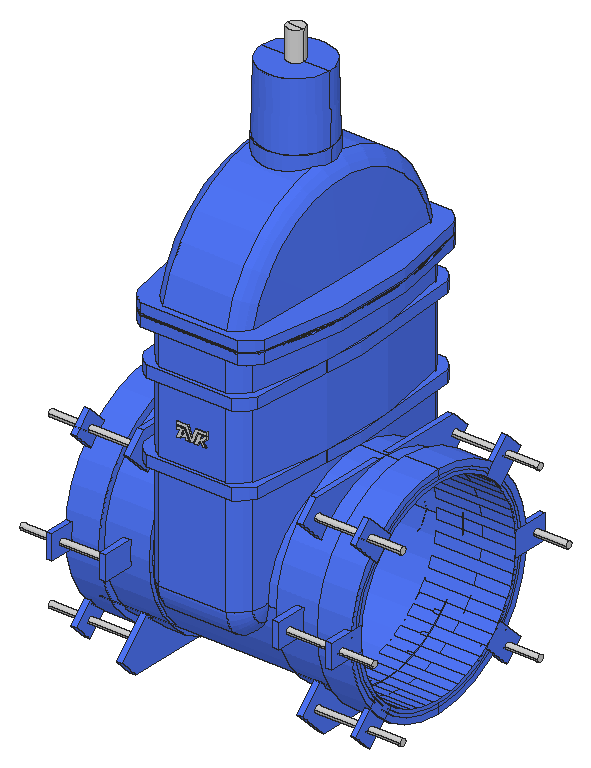
Revit family "01-70-035-DN200-300", category Pipe Accessories, Revit 2019
Family settings
  Round Connector Dimension = Use Diameter
  Part Type = Valve - Breaks Into
  Work Plane-Based = No
  Always vertical = No
  Cut with Voids When Loaded = No
  Shared = No
Parameters (values of type "DN315_PN16")
  Rt = size_lookup(Search_table, "Flange_OD", 0 mm, [Nominal Diameter (DN)]) / 0.6  # 760 mm
  Rib_depth_3 = if([Nominal Diameter (DN)] > 349 mm, size_lookup(Search_table, "Rib_depth", 0 mm, [Nominal Diameter (DN)]), if([Nominal Diameter (DN)] > 39 mm, Body_width / 2, Body_width / 2))  # 78.5 mm
  Rib_depth_1 = if([Nominal Diameter (DN)] > 249 mm, size_lookup(Search_table, "Rib_depth", 0 mm, [Nominal Diameter (DN)]), if([Nominal Diameter (DN)] > 39 mm, Body_width / 2, Body_width / 2))  # 432 mm
  Rib_Width_3 = if([Nominal Diameter (DN)] > 349 mm, size_lookup(Search_table, "Rib_Width", 0 mm, [Nominal Diameter (DN)]), if([Nominal Diameter (DN)] > 39 mm, Body_width / 2, Body_width / 2))  # 78.5 mm
  Rib_Width_2 = if([Nominal Diameter (DN)] > 349 mm, size_lookup(Search_table, "Rib_Width", 0 mm, [Nominal Diameter (DN)]), if([Nominal Diameter (DN)] > 249 mm, size_lookup(Search_table, "Rib_Width", 0 mm, [Nominal Diameter (DN)]), if([Nominal Diameter (DN)] > 39 mm, Body_width / 2, Body_width / 2)))  # 185 mm
  Rib_depth_2 = if([Nominal Diameter (DN)] > 299 mm, size_lookup(Search_table, "Rib_depth", 0 mm, [Nominal Diameter (DN)]), if([Nominal Diameter (DN)] > 39 mm, Body_width / 2, Body_width / 2))  # 432 mm
  Rib_Width_1 = if([Nominal Diameter (DN)] > 249 mm, size_lookup(Search_table, "Rib_Width", 0 mm, [Nominal Diameter (DN)]), if([Nominal Diameter (DN)] > 39 mm, Body_width / 2, Body_width / 2))  # 185 mm
  Rib_Thickness = 18 mm  # constant formula
  Rib_Height_Reference_4 = size_lookup(Search_table, "Rib_Height_4", 0 mm, [Nominal Diameter (DN)])  # 300 mm
  Rib_Height_Reference_3 = size_lookup(Search_table, "Rib_Height_3", 0 mm, [Nominal Diameter (DN)])  # 170 mm
  Rib_Height_Reference_2 = size_lookup(Search_table, "Rib_Height_2", 0 mm, [Nominal Diameter (DN)])  # 285 mm
  Rib_Height_Reference_1 = size_lookup(Search_table, "Rib_Height_1", 0 mm, [Nominal Diameter (DN)])  # 178 mm
  Rf = Horizontal_Flange_width / 0.6  # 693.333 mm
  RF_Dia = size_lookup(Search_table, "RF_Dia", 0 mm, [Nominal Diameter (DN)])  # 185 mm
  R2f = Fillet_Thickness * 2.5  # 60 mm
  R1tv = size_lookup(Search_table, "Flange_OD", 0 mm, [Nominal Diameter (DN)]) / 0.2  # 2280 mm
  OD = size_lookup(Search_table, "OD", 0 mm, [Nominal Diameter (DN)]) / 2  # 89.5 mm
  Neck_T2 = Neck_T - 2 mm  # 54.5 mm
  Neck_T = CL _Thickness - 2 mm  # 56.5 mm
  Neck_H = H - (Body_Height + D2 + CL_Height)  # 109 mm
  Name_Width = Body_width / 2  # 78.5 mm
  Name_Reference = size_lookup(Search_table, "Name_Reference", 0 mm, [Nominal Diameter (DN)])  # 250 mm
  Name_Height_reference = 10 mm  # constant formula
  L_ref = (L + L1) / 2  # 462 mm
  L_Dia = [ID (Radius)] * 2  # 300 mm
  L2 = size_lookup(Search_table, "L2", 0 mm, [Nominal Diameter (DN)])  # 184 mm
  L1 = size_lookup(Search_table, "L1", 0 mm, [Nominal Diameter (DN)])  # 354 mm
  L = size_lookup(Search_table, "L", 0 mm, [Nominal Diameter (DN)])  # 570 mm
  ID (Radius) = size_lookup(Search_table, "DN", 0 mm, [Nominal Diameter (DN)]) / 2  # 150 mm
  Horizontal_Flange_width = (H3 - H) * 2  # 416 mm
  H3 = size_lookup(Search_table, "H3", 0 mm, [Nominal Diameter (DN)])  # 948 mm
  H2 = size_lookup(Search_table, "H2", 0 mm, [Nominal Diameter (DN)])  # 208 mm
  H1 = size_lookup(Search_table, "H1", 0 mm, [Nominal Diameter (DN)])  # 693 mm
  H = size_lookup(Search_table, "H", 0 mm, [Nominal Diameter (DN)])  # 740 mm
  Ftc_reference_height = Flange_OR  # 228 mm
  Ftc = 4 mm  # constant formula
  Flange_width = 39 mm
  Flange_depth = size_lookup(Search_table, "Flange_depth", 0 mm, [Nominal Diameter (DN)])  # 432 mm
  Flange_Thickness_cut = (size_lookup(Search_table, "Flange_OD", 0 mm, [Nominal Diameter (DN)]) - [Nominal Diameter (DN)]) / 4  # 39 mm
  Flange_OR = size_lookup(Search_table, "Flange_OD", 0 mm, [Nominal Diameter (DN)]) / 2  # 228 mm
  Flange_Thickness = size_lookup(Search_table, "Flange_Thickness", 0 mm, [Nominal Diameter (DN)])  # 24.5 mm
  Fillet_Thickness = if([Nominal Diameter (DN)] > 399 mm, 32 mm, if([Nominal Diameter (DN)] > 199 mm, 24 mm, if([Nominal Diameter (DN)] > 149 mm, 12 mm, if([Nominal Diameter (DN)] > 39 mm, 6 mm, 6 mm))))  # 24 mm
  Nominal Diameter (DN) = 300 mm
  F1 = size_lookup(Search_table, "F1", 0 mm, [Nominal Diameter (DN)])  # 31 mm
  F = size_lookup(Search_table, "F", 0 mm, [Nominal Diameter (DN)]) / 2  # 13.5 mm
  E = size_lookup(Search_table, "E", 0 mm, [Nominal Diameter (DN)])  # 13 mm
  Description_ = "AVK GATE VALVE, SUPA PLUS™"
  Dd_ref = Dd_ref_1 + Body_Wallthickness_1  # 177.5 mm
  Dd_ref_1 = size_lookup(Search_table, "Dd", 0 mm, [Nominal Diameter (DN)]) / 2  # 157.5 mm
  Dd = Dd_ref_1 * 2  # 315 mm
  DN280_PN 16 = "01-280-70-016"
  DN250_PN 16 = "01-250-70-016"
  DN225_PN16 = "01-225-70-0146499"
  DN315_PN16 = "01-315-70-016"
  DN200_PN16 = "01-200-70-0146499"
  Search_table = "01-70-035-DN200-300"
  D2 = H - H1  # 47 mm
  D1 = size_lookup(Search_table, "D1", 0 mm, [Nominal Diameter (DN)])  # 15 mm
  D = size_lookup(Search_table, "D", 0 mm, [Nominal Diameter (DN)])  # 87.5 mm
  Cut_Reference = L * 2  # 1140 mm
  CL _Thickness = ((Bt_2 - Fillet_Thickness) - 10 mm) / 2  # 58.5 mm
  CL_Height = At + 5 mm  # 214 mm
  Bt_2 = Body_width - 6 mm  # 151 mm
  Bt = Body_width * 1.02  # 160.14 mm
  Bottom_Reference = size_lookup(Search_table, "Bottom_Reference", 0 mm, [Nominal Diameter (DN)])  # 0 mm
  Bonnet_Reference_height = Body_Height - 10 mm  # 360 mm
  Bonnet_Flange_thickness = if([Nominal Diameter (DN)] > 399 mm, 70 mm, if([Nominal Diameter (DN)] > 299 mm, 35 mm, if([Nominal Diameter (DN)] > 199 mm, 25 mm, if([Nominal Diameter (DN)] > 199 mm, 20 mm, if([Nominal Diameter (DN)] > 39 mm, 15 mm, 15 mm)))))  # 35 mm
  Bonnet_Flange_cut = Bonnet_Flange_thickness / 2  # 17.5 mm
  Bonnet_Flange_Width = size_lookup(Search_table, "Flange_Width", 0 mm, [Nominal Diameter (DN)])  # 206 mm
  Bonnet_Thickness = Body_width * 1.02  # 160.14 mm
  Bonnet_Height = size_lookup(Search_table, "Flange_OD", 0 mm, [Nominal Diameter (DN)]) * 0.25  # 114 mm
  Bonnet_Flange_Depth = size_lookup(Search_table, "Flange_depth", 0 mm, [Nominal Diameter (DN)])  # 432 mm
  Body_Wallthickness_2 = Body_Wallthickness / 2  # 5 mm
  Body_Wallthickness_1 = Body_Wallthickness * 2  # 20 mm
  Body_Wallthickness = 10 mm  # constant formula
  Body_depth = size_lookup(Search_table, "Body_depth", 0 mm, [Nominal Diameter (DN)])  # 418 mm
  Body_width = size_lookup(Search_table, "Body_width", 0 mm, [Nominal Diameter (DN)])  # 157 mm
  Body_Height = size_lookup(Search_table, "Body_Height", 0 mm, [Nominal Diameter (DN)])  # 370 mm
  At = Body_depth / 2  # 209 mm
  URL product pages = "https://www.avkvalves.com/P.aspx?no=0105070016"
Types (6, lengths in mm): name | Rt | Rib_depth_3 | Rib_depth_1 | Rib_Width_3 | Rib_Width_2 | Rib_depth_2 | Rib_Width_1 | Rib_Height_Reference_4 | Rib_Height_Reference_3 | Rib_Height_Reference_2 | Rib_Height_Reference_1 | Rf | RF_Dia | R1tv | OD | Neck_T2 | Neck_T | Neck_H | Name_Width | Name_Reference | L_ref | L_Dia | L2 | L1 | L | ID (Radius) | Horizontal_Flange_width | H3 | H2 | H1 | H | Ftc_reference_height | Flange_width | Flange_depth | Flange_Thickness_cut | Flange_OR | Flange_Thickness | Nominal Diameter (DN) | F1 | F | E | Dd_ref | Dd_ref_1 | Dd | D2 | D1 | D | Cut_Reference | CL _Thickness | CL_Height | Bt_2 | Bt | Bonnet_Reference_height | Bonnet_Flange_thickness | Bonnet_Flange_cut | Bonnet_Flange_Width | Bonnet_Thickness | Bonnet_Height | Bonnet_Flange_Depth | Body_depth | Body_width | Body_Height | At
  (no name) | 760 | 78.5 | 432 | 78.5 | 185 | 432 | 185 | 300 | 170 | 285 | 178 | 693.333 | 185 | 2280 | 89.5 | 54.5 | 56.5 | 109 | 78.5 | 250 | 462 | 300 | 184 | 354 | 570 | 150 | 416 | 948 | 208 | 693 | 740 | 228 | 39 | 432 | 39 | 228 | 24.5 | 300 | 31 | 13.5 | 13 | 177.5 | 157.5 | 315 | 47 | 15 | 87.5 | 1140 | 58.5 | 214 | 151 | 160.14 | 360 | 35 | 17.5 | 206 | 160.14 | 114 | 432 | 418 | 157 | 370 | 209
  DN200_PN16 | 566.667 | 54 | 54 | 54 | 54 | 54 | 54 | 180 | 100 | 110 | 120 | 526.667 | 133 | 1700 | 113 | 30 | 32 | 89 | 54 | 183 | 337.5 | 200 | 120 | 249 | 426 | 100 | 316 | 653 | 158 | 461 | 495 | 170 | 41 | 332 | 35 | 170 | 20 | 200 | 27 | 12 | 15 | 120 | 100 | 200 | 34 | 10 | 62.5 | 852 | 34 | 152 | 102 | 110.16 | 210 | 25 | 12.5 | 132 | 110.16 | 85 | 332 | 294 | 108 | 220 | 147
  DN225_PN16 | 566.667 | 54 | 54 | 54 | 54 | 54 | 54 | 180 | 100 | 110 | 120 | 550 | 133 | 1700 | 126.5 | 30 | 32 | 76 | 54 | 183 | 366 | 200.1 | 110 | 249 | 483 | 100.05 | 330 | 660 | 165 | 448 | 495 | 170 | 39 | 332 | 34.975 | 170 | 20 | 200.1 | 27 | 12 | 15 | 132.5 | 112.5 | 225 | 47 | 10 | 62.5 | 966 | 34 | 152 | 102 | 110.16 | 210 | 25 | 12.5 | 132 | 110.16 | 85 | 332 | 294 | 108 | 220 | 147
  DN250_PN 16 | 666.667 | 62 | 372 | 62 | 145 | 62 | 145 | 200 | 100 | 110 | 90 | 580 | 160 | 2000 | 71.5 | 38 | 40 | 101 | 62 | 270 | 441.5 | 250 | 143 | 354 | 529 | 125 | 348 | 838 | 174 | 617 | 664 | 200 | 39 | 372 | 37.5 | 200 | 22 | 250 | 31 | 13.5 | 13 | 145 | 125 | 250 | 47 | 15 | 87.5 | 1058 | 42 | 176 | 118 | 126.48 | 330 | 25 | 12.5 | 158 | 126.48 | 100 | 372 | 342 | 124 | 340 | 171
  DN280_PN 16 | 666.667 | 62 | 372 | 62 | 140 | 62 | 140 | 200 | 100 | 110 | 90 | 613.333 | 160 | 2000 | 79 | 38 | 40 | 101 | 62 | 270 | 441.5 | 250.1 | 155 | 354 | 529 | 125.05 | 368 | 848 | 184 | 617 | 664 | 200 | 39 | 372 | 37.475 | 200 | 22 | 250.1 | 31 | 13.5 | 13 | 160 | 140 | 280 | 47 | 15 | 87.5 | 1058 | 42 | 176 | 118 | 126.48 | 330 | 25 | 12.5 | 158 | 126.48 | 100 | 372 | 342 | 124 | 340 | 171
  DN315_PN16 | 760 | 78.5 | 432 | 78.5 | 185 | 432 | 185 | 300 | 170 | 285 | 178 | 693.333 | 185 | 2280 | 89.5 | 54.5 | 56.5 | 109 | 78.5 | 250 | 462 | 300 | 184 | 354 | 570 | 150 | 416 | 948 | 208 | 693 | 740 | 228 | 39 | 432 | 39 | 228 | 24.5 | 300 | 31 | 13.5 | 13 | 177.5 | 157.5 | 315 | 47 | 15 | 87.5 | 1140 | 58.5 | 214 | 151 | 160.14 | 360 | 35 | 17.5 | 206 | 160.14 | 114 | 432 | 418 | 157 | 370 | 209
Reference planes
  plane 1 "Center (Front/Back)": y = 0
  plane 2: z = 0
  plane 3 "Center (Left/Right)": x = 0
  plane 4: y = 0
  plane 5: z = 740
  plane 6: x = -103
  plane 7: x = 103
  plane 8: z = 370
  plane 9: x = 54.5
  plane 10: x = -54.5
  plane 11: x = 78.5
  plane 12: x = -78.5
  plane 13: y = 209
  plane 14: y = -209
  plane 15: y = 185
  plane 16: y = -185
  plane 17: y = 192
  plane 18: y = 216
  plane 19: y = -192
  plane 20: y = -216
  plane 21: x = 103
  plane 22: x = 79
  plane 23: x = -79
  plane 24: x = -103
  plane 25: x = -75.5
  plane 26: x = -51.5
  plane 27: z = 569
  plane 28: x = 75.5
  plane 29: x = 51.5
  plane 30: z = 545
  plane 31: z = 360
  plane 32: y = 55
  plane 33: z = 335
  plane 34: x = -32.455
  plane 35: x = 32.455
  plane 36: x = -80.07
  plane 37: x = 80.07
  plane 38: x = -29.418
  plane 39: z = 405
  plane 40: z = 250
  plane 41: z = 300
  plane 42: z = 170
  plane 43: z = 285
  plane 44: z = 178
  plane 45: y = 192
  plane 46: y = 216
  plane 47: y = -216
  plane 48: y = -192
  plane 49: x = 68.5
  plane 50: x = 92.5
  plane 51: x = -92.5
  plane 52: x = -68.5
  plane 53: z = 188
  plane 54: y = 216
  plane 55: y = 192
  plane 56: x = 68.5
  plane 57: x = 92.5
  plane 58: x = -68.5
  plane 59: x = -92.5
  plane 60: y = -216
  plane 61: y = -192
  plane 62: z = 318
  plane 63: y = 39.25
  plane 64: y = 15.25
  plane 65: x = 15.25
  plane 66: x = 39.25
  plane 67: x = -15.25
  plane 68: x = -39.25
  plane 69: y = -39.25
  plane 70: y = -15.25
  plane 71: z = 303
  plane 72: x = 15.25
  plane 73: y = 15.25
  plane 74: x = 39.25
  plane 75: y = 39.25
  plane 76: x = -15.25
  plane 77: x = -39.25
  plane 78: y = -15.25
  plane 79: y = -39.25
  plane 80: x = 264.293
  plane 81: x = -570
  plane 82: x = 570
  plane 83: z = 196
  plane 84: x = 131
  plane 85: z = -228
  plane 86: z = 693
  plane 87: x = -10
  plane 88: x = 15
  plane 89: x = -231
  plane 90: x = 231
  plane 91: x = -177
  plane 92: x = 177
  plane 93: z = -208
  plane 94: z = 208
  plane 95: through (0, -0.011, -0.011) normal (0, 0.7071, 0.7071)
  plane 96: through (0, -0.011, -0.011) normal (0, 0.7071, -0.7071)
  plane 97: x = -222
  plane 98: x = 222
  plane 99: x = -140
  plane 100: x = 140
  plane 101: y = -208
  plane 102: y = 208
  plane 103: x = -285
  plane 104: x = 285
  plane 105: through (0, -142.596, -108.449) normal (0, -0.7071, -0.7071)
  plane 106: through (0, 108.427, 142.574) normal (0, -0.7071, -0.7071)
  plane 107: through (0, -159.368, -118.9) normal (0, -0.7071, -0.7071)
  plane 108: through (0, -163.352, -142.139) normal (0, -0.7071, -0.7071)
  plane 109: through (0, 142.118, 163.331) normal (0, -0.7071, -0.7071)
  plane 110: through (0, 122.039, 156.186) normal (0, -0.7071, -0.7071)
  plane 111: through (0, 103.789, 76.211) normal (0, -0.7071, 0.7071)
  plane 112: through (0, 70.7, 98.277) normal (0, -0.7071, 0.7071)
  plane 113: through (0, 140.163, -165.307) normal (0, 0.7071, -0.7071)
  plane 114: through (0, -142.139, 163.331) normal (0, -0.7071, 0.7071)
  plane 115: through (0, -109.222, 141.8) normal (0, -0.7071, 0.7071)
  plane 116: through (0, 144.357, -106.666) normal (0, -0.7071, 0.7071)
  plane 117: through (0, -100.037, 72.439) normal (0, -0.7071, -0.7071)
  plane 118: through (0, 108.884, -81.328) normal (0, 0.7071, 0.7071)
  plane 119: through (0, 157.968, -120.278) normal (0, -0.7071, 0.7071)
  plane 120: through (0, -120.278, 157.968) normal (0, -0.7071, 0.7071)
  plane 121: y = 177.5
  plane 122: y = -177.5
  plane 123: y = 216
  plane 124: y = -216
  plane 125: z = 19.5
  plane 126: z = -19.5
  plane 127: y = 196.75
  plane 128: y = -196.75
Forms (mm)
  Revolve 1, solid, material "Plastic"
    sketch origin (0, 0, 0) x (1, 0, 0) y (0, 1, 0)
      loop
        line (-231, 162.5) -> (-231, 157.5) -> (231, 157.5) -> (231, 162.5) -> (-231, 162.5)
      axis (-231, 0) -> (231, 0)
    angle from 0 to 360
  Extrusion 2, solid, material "Plastic"
    sketch origin (0, 0, 0) x (1, 0, 0) y (0, 1, 0)
      loop
        arc (54.5, -209) -> (68.232, -198.732) -> (78.5, -185) r 60
        arc (78.5, -185) -> (103.637, 0) -> (78.5, 185) r 693.333
        arc (78.5, 185) -> (68.232, 198.732) -> (54.5, 209) r 60
        line (54.5, 209) -> (-54.5, 209)
        arc (-54.5, 209) -> (-68.232, 198.732) -> (-78.5, 185) r 60
        arc (-78.5, 185) -> (-103.637, 0) -> (-78.5, -185) r 693.333
        arc (-78.5, -185) -> (-68.232, -198.732) -> (-54.5, -209) r 60
        line (-54.5, -209) -> (54.5, -209)
    from 0 to 370
  Extrusion 3, solid, material "Plastic"
    sketch origin (0, 0, 370) x (1, 0, 0) y (0, 1, 0)
      loop
        line (79, 216) -> (-79, 216)
        arc (-79, 216) -> (-92.732, 205.732) -> (-103, 192) r 60
        arc (-103, 192) -> (-130.115, 0) -> (-103, -192) r 693.333
        arc (-103, -192) -> (-92.732, -205.732) -> (-79, -216) r 60
        line (-79, -216) -> (79, -216)
        arc (79, -216) -> (92.732, -205.732) -> (103, -192) r 60
        arc (103, -192) -> (130.115, 0) -> (103, 192) r 693.333
        arc (103, 192) -> (92.732, 205.732) -> (79, 216) r 60
    from 35 to 0
  Revolve 4, solid, material "Plastic"
    sketch origin (0, 0, 0) x (1, 0, 0) y (0, 0, 1)
      loop
        line (0, 584) -> (0, 370) -> (58.5, 370) -> (58.5, 584) -> (0, 584)
      axis (0, 584) -> (0, 370)
    angle from 0 to 360
  Revolve 5, solid, material "Plastic"
    sketch origin (0, 0, -14.998) x (1, 0, 0) y (0, 0, 1)
      loop
        line (-80.07, 374.998) -> (80.07, 374.998)
        arc (80.07, 374.998) -> (79.663, 467.545) -> (75.5, 559.998) r 2280
        arc (75.5, 559.998) -> (65.232, 573.731) -> (51.5, 583.998) r 60
        line (51.5, 583.998) -> (-51.5, 583.998)
        arc (-51.5, 583.998) -> (-65.232, 573.731) -> (-75.5, 559.998) r 60
        arc (-75.5, 559.998) -> (-79.663, 467.545) -> (-80.07, 374.998) r 2280
      axis (-80.07, 374.998) -> (80.07, 374.998)
    angle from 90 to -90
  Revolve 6, solid, material "Stainless Steel AISI 304"
    sketch origin (0, 0, 0) x (1, 0, 0) y (0, 0, 1)
      loop
        line (0, 740) -> (0, 693) -> (13.5, 693) -> (13.5, 740) -> (0, 740)
      axis (0, 693) -> (0, 740)
    angle from 0 to 360
  Sweep 7, void
    path in 3D
      loop
        arc (-103, 192, 405) -> (-92.732, 205.732, 405) -> (-79, 216, 405) r 60
        line (-79, 216, 405) -> (79, 216, 405)
        arc (79, 216, 405) -> (92.732, 205.732, 405) -> (103, 192, 405) r 60
        arc (103, 192, 405) -> (130.115, 0, 405) -> (103, -192, 405) r 693.333
        arc (103, -192, 405) -> (92.732, -205.732, 405) -> (79, -216, 405) r 60
        line (79, -216, 405) -> (-79, -216, 405)
        arc (-79, -216, 405) -> (-92.732, -205.732, 405) -> (-103, -192, 405) r 60
        arc (-103, -192, 405) -> (-130.115, 0, 405) -> (-103, 192, 405) r 693.333
    profile origin (-130.115, 0, 405) x (-1, 0, 0) y (0, 0, 1)
      loop
        circle (0, -17.5) r 1.016
  Extrusion 8, solid, material "Plastic"
    sketch origin (0, -1524, 170) x (-1, 0, 0) y (0, -1, 0)
      loop
        arc (68.5, -1740) -> (82.232, -1729.732) -> (92.5, -1716) r 60
        arc (92.5, -1716) -> (106.234, -1524) -> (92.5, -1332) r 1348.941
        arc (92.5, -1332) -> (82.232, -1318.268) -> (68.5, -1308) r 60
        line (68.5, -1308) -> (-68.5, -1308)
        arc (-68.5, -1308) -> (-82.232, -1318.268) -> (-92.5, -1332) r 60
        arc (-92.5, -1332) -> (-106.234, -1524) -> (-92.5, -1716) r 1348.941
        arc (-92.5, -1716) -> (-82.232, -1729.732) -> (-68.5, -1740) r 60
        line (-68.5, -1740) -> (68.5, -1740)
    from 0 to 18
  Extrusion 9, solid, material "Plastic"
    sketch origin (0, -1524, 300) x (-1, 0, 0) y (0, -1, 0)
      loop
        line (-68.5, -1740) -> (68.5, -1740)
        arc (68.5, -1740) -> (82.232, -1729.732) -> (92.5, -1716) r 60
        arc (92.5, -1716) -> (106.234, -1524) -> (92.5, -1332) r 1348.941
        arc (92.5, -1332) -> (82.232, -1318.268) -> (68.5, -1308) r 60
        line (68.5, -1308) -> (-68.5, -1308)
        arc (-68.5, -1308) -> (-82.232, -1318.268) -> (-92.5, -1332) r 60
        arc (-92.5, -1332) -> (-106.234, -1524) -> (-92.5, -1716) r 1348.941
        arc (-92.5, -1716) -> (-82.232, -1729.732) -> (-68.5, -1740) r 60
    from 0 to 18
  Extrusion 10, solid, material "Plastic"
    sketch origin (0, -1524, 285) x (-1, 0, 0) y (0, -1, 0)
      loop
        line (-15.25, -1563.25) -> (15.25, -1563.25)
        arc (15.25, -1563.25) -> (28.982, -1552.982) -> (39.25, -1539.25) r 60
        arc (39.25, -1539.25) -> (39.341, -1524) -> (39.25, -1508.75) r 1282.048
        arc (39.25, -1508.75) -> (28.982, -1495.018) -> (15.25, -1484.75) r 60
        line (15.25, -1484.75) -> (-15.25, -1484.75)
        arc (-15.25, -1484.75) -> (-28.982, -1495.018) -> (-39.25, -1508.75) r 60
        arc (-39.25, -1508.75) -> (-39.341, -1524) -> (-39.25, -1539.25) r 1282.048
        arc (-39.25, -1539.25) -> (-28.982, -1552.982) -> (-15.25, -1563.25) r 60
    from 0 to 18
  Extrusion 11, solid, material "Plastic"
    sketch origin (0, 0, 0) x (1, 0, 0) y (0, 1, 0)
      loop
        line (15.25, 39.25) -> (-15.25, 39.25)
        arc (-15.25, 39.25) -> (-28.982, 28.982) -> (-39.25, 15.25) r 60
        arc (-39.25, 15.25) -> (-39.34, 0) -> (-39.25, -15.25) r 1295.047
        arc (-39.25, -15.25) -> (-28.982, -28.982) -> (-15.25, -39.25) r 60
        line (-15.25, -39.25) -> (15.25, -39.25)
        arc (15.25, -39.25) -> (28.982, -28.982) -> (39.25, -15.25) r 60
        arc (39.25, -15.25) -> (39.34, 0) -> (39.25, 15.25) r 1295.047
        arc (39.25, 15.25) -> (28.982, 28.982) -> (15.25, 39.25) r 60
    from 178 to 196
  Extrusion 12, solid, material "Aluminum 1100-O"
    sketch origin (0, 0, 0) x (0, 1, 0) y (0, 0, 1)
      loop
        circle (0, 0) r 157.5
    from 15 to -10
  Extrusion 13, void
    sketch origin (0, 0, 0) x (0, -1, 0) y (0, 0, 1)
      loop
        circle (0, 0) r 157.5
    from -570 to 570
  Revolve 14, solid, material "Plastic"
    sketch origin (0, 0, 0) x (1, 0, 0) y (0, 1, 0)
      loop
        line (-54.5, -209) -> (54.5, -209)
        arc (54.5, -209) -> (68.232, -198.732) -> (78.5, -185) r 60
        arc (78.5, -185) -> (82.146, -171.286) -> (85.511, -157.5) r 693.333
        line (85.511, -157.5) -> (-85.511, -157.5)
        arc (-85.511, -157.5) -> (-82.146, -171.286) -> (-78.5, -185) r 693.333
        arc (-78.5, -185) -> (-68.232, -198.732) -> (-54.5, -209) r 60
      axis (-85.511, -157.5) -> (85.511, -157.5)
    angle from -90 to 90
  Revolve 15, solid, material "Plastic"
    sketch origin (0, 0, 0) x (1, 0, 0) y (0, 0, 1)
      loop
        line (0, 584) -> (0, 693) -> (-54.5, 693)
        arc (-54.5, 693) -> (-54.848, 638.488) -> (-56.5, 584) r 2280
        line (-56.5, 584) -> (0, 584)
      axis (0, 693) -> (0, 584)
    angle from 0 to 360
  Revolve 16, solid, material "Plastic"
    sketch origin (0, 0, 0) x (1, 0, 0) y (0, 1, 0)
      loop
        line (54.5, 209) -> (-54.5, 209)
        arc (-54.5, 209) -> (-68.232, 198.732) -> (-78.5, 185) r 60
        arc (-78.5, 185) -> (-82.146, 171.286) -> (-85.511, 157.5) r 693.333
        line (-85.511, 157.5) -> (85.511, 157.5)
        arc (85.511, 157.5) -> (82.146, 171.286) -> (78.5, 185) r 693.333
        arc (78.5, 185) -> (68.232, 198.732) -> (54.5, 209) r 60
      axis (85.511, 157.5) -> (-85.511, 157.5)
    angle from -90 to 90
  Revolve 17, solid, material "Plastic"
    sketch origin (0, 0, 0) x (1, 0, 0) y (0, 0, 1)
      loop
        line (-231, -157.5) -> (-231, -167.5) -> (-103, -167.5) -> (-103, -157.5) -> (-231, -157.5)
      loop
        line (231, -157.5) -> (103, -157.5) -> (103, -167.5) -> (231, -167.5) -> (231, -157.5)
      axis (-231, 0) -> (231, 0)
    angle from 0 to 360
  Revolve 18, solid, material "Plastic"
    sketch origin (0, 0, 0) x (1, 0, 0) y (0, 0, 1)
      loop
        line (-231, -157.5) -> (-231, -177.5) -> (-177, -177.5) -> (-177, -157.5) -> (-231, -157.5)
      loop
        line (231, -157.5) -> (177, -157.5) -> (177, -177.5) -> (231, -177.5) -> (231, -157.5)
      axis (-231, 0) -> (231, 0)
    angle from 0 to 360
  Extrusion 19, solid, material "Plastic"
    sketch origin (0, 0, 0) x (0, 1, 0) y (0, 0, 1)
      loop
        line (166.513, -138.957) -> (27.566, -0.011) -> (166.513, 138.936) -> (138.936, 166.513) -> (-0.011, 27.566) -> (-138.957, 166.513) -> (-166.534, 138.936) -> (-27.588, -0.011) -> (-166.534, -138.957) -> (-138.957, -166.534) -> (-0.011, -27.588) -> (138.936, -166.534) -> (166.513, -138.957)
    from -231 to -222
  Extrusion 20, solid, material "Plastic"
    sketch origin (0, 0, 0) x (0, 1, 0) y (0, 0, 1)
      loop
        line (166.513, 138.936) -> (138.936, 166.513) -> (-0.011, 27.566) -> (-138.957, 166.513) -> (-166.534, 138.936) -> (-27.588, -0.011) -> (-166.534, -138.957) -> (-138.957, -166.534) -> (-0.011, -27.588) -> (138.936, -166.534) -> (166.513, -138.957) -> (27.566, -0.011) -> (166.513, 138.936)
    from 222 to 231
  Extrusion 21, void
    sketch origin (0, 0, 0) x (0, -1, 0) y (0, 0, 1)
      loop
        circle (0, 0) r 157.5
    from -285 to 285
  Extrusion 22, void
    sketch origin (0, 0, 0) x (0, 1, 0) y (0, 0, 1)
      loop
        circle (0, 0) r 157.5
    from 0 to 285
  Extrusion 23, solid, material "Stainless Steel AISI 304"
    sketch origin (0, 0, 0) x (0, 1, 0) y (0, 0, 1)
      loop
        circle (139.112, 139.112) r 5
      loop
        circle (-139.134, 139.112) r 5
      loop
        circle (-139.134, -139.134) r 5
      loop
        circle (139.112, -139.134) r 5
      loop
        circle (196.75, 0) r 5
      loop
        circle (-196.75, 0) r 5
    from -285 to -145.069
  Extrusion 24, solid, material "Plastic"
    sketch origin (0, 0, 0) x (0, 1, 0) y (0, 0, 1)
      loop
        line (124.301, 96.724) -> (166.513, 138.936) -> (138.936, 166.513) -> (-138.957, 166.513) -> (-166.534, 138.936) -> (-124.31, 96.712)
        arc (-124.31, 96.712) -> (-0.008, 157.5) -> (124.301, 96.724) r 157.5
      loop
        line (181.865, -154.309) -> (124.292, -96.736)
        arc (124.292, -96.736) -> (-0.008, -157.5) -> (-124.301, -96.724) r 157.5
        line (-124.301, -96.724) -> (-181.886, -154.309) -> (-154.309, -181.886) -> (154.287, -181.886) -> (181.865, -154.309)
    from -145.069 to -134.931
  Extrusion 25, solid, material "Stainless Steel AISI 304"
    sketch origin (0, 0, 0) x (0, 1, 0) y (0, 0, 1)
      loop
        circle (139.112, 139.112) r 5
      loop
        circle (-139.134, 139.112) r 5
      loop
        circle (-139.134, -139.134) r 5
      loop
        circle (139.112, -139.134) r 5
      loop
        circle (196.75, 0) r 5
      loop
        circle (-196.75, 0) r 5
    from 145.003 to 285
  Extrusion 26, solid, material "Plastic"
    sketch origin (0, 0, 0) x (0, 1, 0) y (0, 0, 1)
      loop
        line (216, 19.5) -> (-216, 19.5) -> (-216, -19.5) -> (216, -19.5) -> (216, 19.5)
    from -231 to -222
  Extrusion 27, solid, material "Plastic"
    sketch origin (0, 0, 0) x (0, 1, 0) y (0, 0, 1)
      loop
        line (216, -19.5) -> (216, 19.5) -> (-216, 19.5) -> (-216, -19.5) -> (216, -19.5)
    from 222 to 231
  Extrusion 28, solid, material "Plastic"
    sketch origin (0, 0, 0) x (0, 1, 0) y (0, 0, 1)
      loop
        line (216, -19.5) -> (216, 19.5) -> (-216, 19.5) -> (-216, -19.5) -> (216, -19.5)
    from -145.069 to -134.931
  Extrusion 29, solid, material "Plastic"
    sketch origin (0, 0, 0) x (0, 1, 0) y (0, 0, 1)
      loop
        line (216, -19.5) -> (216, 19.5) -> (-216, 19.5) -> (-216, -19.5) -> (216, -19.5)
    from 134.997 to 145.003
  Extrusion 30, solid, material "Plastic"
    sketch origin (0, 0, 0) x (0, 1, 0) y (0, 0, 1)
      loop
        line (138.936, 166.513) -> (-138.957, 166.513) -> (-166.534, 138.936) -> (-124.31, 96.712)
        arc (-124.31, 96.712) -> (-0.008, 157.5) -> (124.301, 96.724) r 157.5
        line (124.301, 96.724) -> (166.513, 138.936) -> (138.936, 166.513)
      loop
        line (-123.606, -181.886) -> (123.584, -181.886) -> (166.513, -138.957) -> (124.292, -96.736)
        arc (124.292, -96.736) -> (-0.008, -157.5) -> (-124.301, -96.724) r 157.5
        line (-124.301, -96.724) -> (-166.534, -138.957) -> (-123.606, -181.886)
    from 145.003 to 134.997
  Revolve 31, void
    sketch origin (0, 0, 0) x (1, 0, 0) y (0, 0, 1)
      loop
        line (-231, 157.5) -> (-231, 0) -> (231, 0) -> (231, 157.5) -> (-231, 157.5)
      axis (-231, 0) -> (231, 0)
    angle from 0 to 360
Cuts and joins
  Extrusion 13, Extrusion 21, Extrusion 22, Revolve 31 cuts Revolve 1
  Sweep 7 cuts Extrusion 3
  Extrusion 13 cuts Extrusion 11
  Extrusion 13, Extrusion 21, Extrusion 22, Revolve 31 cuts Extrusion 2
  Extrusion 21, Extrusion 22, Revolve 31 cuts Revolve 17
  Extrusion 21, Extrusion 22, Revolve 31 cuts Revolve 18
  Extrusion 21, Revolve 31 cuts Extrusion 19
  Extrusion 22 cuts Extrusion 12
  Extrusion 22, Revolve 31 cuts Extrusion 20
  Revolve 31 cuts Extrusion 24
  Revolve 31 cuts Extrusion 26
  Revolve 31 cuts Extrusion 27
  Revolve 31 cuts Extrusion 28
  Revolve 31 cuts Extrusion 29
  Revolve 31 cuts Extrusion 30
Lines and regions (mm)
  sketch lines
    curve 1: arc (-103, -192, 405) -> (-130.115, 0, 405) -> (-103, 192, 405) r 693.333
    curve 2: arc (-103, 192, 405) -> (-92.732, 205.732, 405) -> (-79, 216, 405) r 60
    curve 3: line (79, 216, 405) -> (-79, 216, 405)
    curve 4: arc (79, 216, 405) -> (92.732, 205.732, 405) -> (103, 192, 405) r 60
    curve 5: arc (103, 192, 405) -> (130.115, 0, 405) -> (103, -192, 405) r 693.333
    curve 6: arc (103, -192, 405) -> (92.732, -205.732, 405) -> (79, -216, 405) r 60
    curve 7: line (-79, -216, 405) -> (79, -216, 405)
    curve 8: arc (-79, -216, 405) -> (-92.732, -205.732, 405) -> (-103, -192, 405) r 60
Dimensions and locks
  equal spacing: Revolve 1 sketch curve, plane 3 "Center (Left/Right)", Revolve 1 sketch curve
  "L_ref": Revolve 1 sketch curve to Revolve 1 sketch curve
  "Dd_ref_1": plane 4 to Revolve 1 sketch curve
  "Body_Wallthickness_2": Revolve 1 sketch curve to Revolve 1 sketch curve
  "H": plane 5 to level
  "Body_Height": plane 8 to level
  equal spacing: plane 6, plane 3 "Center (Left/Right)", plane 7  (x2)
  "CL_Height": Revolve 4 sketch curve to Revolve 4 sketch curve
  equal spacing: plane 12, plane 3 "Center (Left/Right)", plane 11
  "Body_width": plane 12 to plane 11
  equal spacing: plane 13, plane 1 "Center (Front/Back)", plane 14
  "Body_depth": plane 13 to plane 14
  "Fillet_Thickness": plane 9 to plane 11
  "Fillet_Thickness": plane 12 to plane 10
  "Fillet_Thickness": plane 13 to plane 15
  "Fillet_Thickness": plane 16 to plane 14
  equal spacing: plane 24, plane 3 "Center (Left/Right)", plane 21
  "Bonnet_Flange_Width": plane 24 to plane 21
  equal spacing: plane 18, plane 1 "Center (Front/Back)", plane 20
  "Bonnet_Flange_Depth": plane 18 to plane 20
  "Fillet_Thickness": plane 22 to plane 21
  "Fillet_Thickness": plane 24 to plane 23
  "Fillet_Thickness": plane 18 to plane 17
  "Fillet_Thickness": plane 20 to plane 19
  "Fillet_Thickness": plane 26 to plane 25
  "Fillet_Thickness": plane 27 to plane 30
  "Fillet_Thickness": plane 29 to plane 28
  equal spacing: plane 28, plane 3 "Center (Left/Right)", plane 25
  "Bt_2": plane 28 to plane 25
  "At": plane 27 to plane 31
  "Bonnet_Reference_height": plane 31 to level
  "Bonnet_Flange_thickness": plane 8 to plane 33
  equal spacing: plane 37, plane 3 "Center (Left/Right)", plane 36
  "Bt": plane 37 to plane 36
  "Bonnet_Flange_thickness": plane 39 to plane 8
  "Bonnet_Flange_cut": Sweep 7 sketch curve to Extrusion 3
  "Name_Reference": plane 40 to level
  "Rib_Height_Reference_4": plane 41 to level
  "Rib_Height_Reference_3": plane 42 to level
  "Rib_Height_Reference_2": plane 43 to level
  "Rib_Height_Reference_1": plane 44 to level
  equal spacing: plane 51, plane 3 "Center (Left/Right)", plane 50
  "Rib_Width_2": plane 51 to plane 50
  equal spacing: plane 46, plane 1 "Center (Front/Back)", plane 47
  "Fillet_Thickness": plane 46 to plane 45
  "Fillet_Thickness": plane 48 to plane 47
  "Fillet_Thickness": plane 51 to plane 52
  "Fillet_Thickness": plane 49 to plane 50
  "Rib_depth_2": plane 46 to plane 47
  "Rib_Thickness": plane 53 to plane 42
  equal spacing: plane 59, plane 3 "Center (Left/Right)", plane 57
  "Rib_Width_1": plane 59 to plane 57
  equal spacing: plane 54, plane 1 "Center (Front/Back)", plane 60
  "Rib_depth_1": plane 54 to plane 60
  "Fillet_Thickness": plane 54 to plane 55
  "Fillet_Thickness": plane 60 to plane 61
  "Fillet_Thickness": plane 59 to plane 58
  "Fillet_Thickness": plane 56 to plane 57
  "Rib_Thickness": plane 62 to plane 41
  equal spacing: plane 68, plane 3 "Center (Left/Right)", plane 66
  "Rib_Width_3": plane 68 to plane 66
  equal spacing: plane 63, plane 1 "Center (Front/Back)", plane 69
  "Rib_depth_3": plane 63 to plane 69
  "Fillet_Thickness": plane 63 to plane 64
  "Fillet_Thickness": plane 69 to plane 70
  "Fillet_Thickness": plane 68 to plane 67
  "Fillet_Thickness": plane 65 to plane 66
  "Rib_Thickness": plane 71 to plane 43
  equal spacing: plane 77, plane 3 "Center (Left/Right)", plane 74
  "Rib_Width_3": plane 77 to plane 74
  equal spacing: plane 75, plane 1 "Center (Front/Back)", plane 79
  "Rib_depth_3": plane 75 to plane 79
  "Fillet_Thickness": plane 75 to plane 73
  "Fillet_Thickness": plane 79 to plane 78
  "Fillet_Thickness": plane 77 to plane 76
  "Fillet_Thickness": plane 72 to plane 74
  equal spacing: plane 81, plane 3 "Center (Left/Right)", plane 82
  "Cut_Reference": plane 81 to plane 82
  "Rib_Thickness": plane 83 to plane 44
  plane 81 to cut or joined group of Revolve 1, Extrusion 13, Extrusion 21, Extrusion 22, Revolve 31 = 339 mm
  "Bottom_Reference": Revolve 14 sketch curve to Revolve 14 sketch curve
  "Neck_T2": Revolve 15 sketch curve to Revolve 15 sketch curve
  "Neck_T": Revolve 15 sketch curve to Revolve 15 sketch curve
  "Neck_H": Revolve 15 sketch curve to Revolve 15 sketch curve
  "F": Revolve 6 sketch curve to Revolve 6 sketch curve
  "Bottom_Reference": Revolve 16 sketch curve to Revolve 16 sketch curve
  "CL _Thickness": Revolve 4 sketch curve to Revolve 4 sketch curve
  "Flange_OR": level to plane 85
  plane 5 to plane 85 = 968 mm  (x2)
  "H1": plane 86 to level
  "D1": plane 88 to plane 3 "Center (Left/Right)"
  equal spacing: plane 90, plane 3 "Center (Left/Right)", plane 89
  "L_ref": plane 90 to plane 89
  "Bonnet_Flange_Width": plane 6 to plane 7
  "Dd_ref_1": level to Revolve 17 sketch curve
  equal spacing: plane 92, plane 3 "Center (Left/Right)", plane 91
  "L1": plane 92 to plane 91
  "Dd_ref_1": level to Revolve 18 sketch curve
  "Body_Wallthickness_1": Revolve 18 sketch curve to Revolve 18 sketch curve
  "Body_Wallthickness": Revolve 17 sketch curve to Revolve 17 sketch curve
  "H2": level to plane 93
  equal spacing: plane 94, level, plane 93
  locked: plane 97 to plane 89 at 9
  locked: plane 90 to plane 98 at 9
  equal spacing: plane 6, plane 99, plane 91
  equal spacing: plane 92, plane 100, plane 7
  equal spacing: plane 102, plane 1 "Center (Front/Back)", plane 101
  "H2": plane 1 "Center (Front/Back)" to plane 101
  equal spacing: plane 104, plane 3 "Center (Left/Right)", plane 103
  "L": plane 104 to plane 103
  equal spacing: plane 105, plane 95, plane 106
  "Dd_ref": plane 105 to plane 95
  equal spacing: plane 108, plane 95, plane 109
  "Flange_depth": plane 108 to plane 109
  equal spacing: plane 108, plane 107, plane 105
  equal spacing: plane 106, plane 110, plane 109
  equal spacing: plane 112, plane 96, plane 111
  "Flange_width": plane 112 to plane 111
  equal spacing: plane 113, plane 96, plane 114
  "Flange_depth": plane 113 to plane 114
  equal spacing: plane 115, plane 96, plane 116
  "Dd_ref": plane 115 to plane 96
  equal spacing: plane 117, plane 95, plane 118
  "Flange_width": plane 118 to plane 117
  equal spacing: plane 113, plane 119, plane 116
  equal spacing: plane 114, plane 120, plane 115
  equal spacing: plane 108, Extrusion 23 sketch curve, plane 105
  equal spacing: plane 112, Extrusion 23 sketch curve, plane 111  (x2)
  equal spacing: plane 118, Extrusion 23 sketch curve, plane 117  (x2)
  Extrusion 23 sketch curve to plane 115 = 19.25 mm
  equal spacing: plane 113, Extrusion 23 sketch curve, plane 116
  equal spacing: plane 106, Extrusion 23 sketch curve, plane 109
  locked: Extrusion 24 to plane 99 at 5.069
  equal spacing: Extrusion 24, plane 99, Extrusion 24
  plane 5 to plane 86 = 47 mm
  equal spacing: Extrusion 19 sketch curve, plane 95, Extrusion 19 sketch curve  (x2)
  "Flange_width": Extrusion 19 sketch curve to Extrusion 19 sketch curve  (x2)
  equal spacing: Extrusion 19 sketch curve, plane 96, Extrusion 19 sketch curve  (x2)
  "Flange_depth": Extrusion 19 sketch curve to Extrusion 19 sketch curve  (x2)
  equal spacing: Extrusion 20 sketch curve, plane 96, Extrusion 20 sketch curve  (x2)
  "Flange_width": Extrusion 20 sketch curve to Extrusion 20 sketch curve  (x2)
  equal spacing: Extrusion 20 sketch curve, plane 95, Extrusion 20 sketch curve
  equal spacing: cut or joined group of Extrusion 19, Extrusion 21, Revolve 31, plane 95, Extrusion 20 sketch curve
  "Flange_depth": Extrusion 20 sketch curve to Extrusion 20 sketch curve  (x2)
  "Flange_width": cut or joined group of Extrusion 19, Extrusion 21, Revolve 31 to Extrusion 24 sketch curve  (x4)
  equal spacing: Extrusion 26 sketch curve, level, Extrusion 26 sketch curve
  equal spacing: Extrusion 26 sketch curve, plane 1 "Center (Front/Back)", Extrusion 26 sketch curve
  "Flange_width": Extrusion 26 sketch curve to Extrusion 26 sketch curve
  "Flange_depth": Extrusion 26 sketch curve to Extrusion 26 sketch curve
  locked: Extrusion 29 to plane 100 at 5.003
  equal spacing: Extrusion 29, plane 100, Extrusion 29
  equal spacing: plane 121, plane 1 "Center (Front/Back)", plane 122
  "Dd_ref": plane 121 to plane 1 "Center (Front/Back)"
  equal spacing: plane 123, plane 1 "Center (Front/Back)", plane 124
  "Flange_depth": plane 123 to plane 124
  equal spacing: plane 126, level, plane 125
  "Flange_width": plane 126 to plane 125
  equal spacing: plane 123, plane 127, plane 121
  equal spacing: plane 122, plane 128, plane 124
  equal spacing: plane 123, Extrusion 23 sketch curve, plane 121
  equal spacing: plane 126, Extrusion 23 sketch curve, plane 125  (x2)
  equal spacing: plane 122, Extrusion 23 sketch curve, plane 124
  "Dd_ref_1": Revolve 31 sketch curve to level
  "R2f": radius of Extrusion 2 sketch curve  (x4)
  "Rf": radius of Extrusion 3 sketch curve  (x2)
  "R2f": radius of Extrusion 3 sketch curve  (x4)
  "R2f": radius of Revolve 5 sketch curve  (x2)
  "R1tv": radius of Revolve 5 sketch curve  (x2)
  "Rf": radius of Extrusion 2 sketch curve  (x2)
  radius of Sweep 7 sketch curve = 1.016 mm
  "R2f": radius of Extrusion 8 sketch curve  (x4)
  "R2f": radius of Extrusion 9 sketch curve  (x4)
  "R2f": radius of Extrusion 10 sketch curve  (x4)
  "R2f": radius of Extrusion 11 sketch curve  (x4)
  "R1tv": radius of Revolve 15 sketch curve
  locked: plane 95 to plane 1 "Center (Front/Back)" (angle 45.00°)
  locked: plane 1 "Center (Front/Back)" to plane 96 (angle 45.00°)
  aligned and locked: level to plane 2
  aligned and locked: plane 1 "Center (Front/Back)" to plane 4
  aligned and locked: plane 1 "Center (Front/Back)" to Revolve 1 sketch curve
  aligned and locked: Revolve 4 sketch curve to Revolve 4 sketch curve
  aligned and locked: plane 11 to Extrusion 2 sketch curve  (x2)
  aligned and locked: plane 9 to Extrusion 2 sketch curve
  aligned and locked: plane 13 to Extrusion 2 sketch curve  (x2)
  aligned and locked: plane 15 to Extrusion 2 sketch curve
  aligned and locked: Extrusion 2 sketch curve to plane 15
  aligned and locked: Extrusion 2 sketch curve to plane 10
  aligned and locked: plane 12 to Extrusion 2 sketch curve  (x2)
  aligned and locked: Extrusion 2 sketch curve to plane 9
  aligned and locked: Extrusion 2 sketch curve to plane 16
  aligned and locked: plane 14 to Extrusion 2 sketch curve  (x2)
  aligned and locked: plane 10 to Extrusion 2 sketch curve
  aligned and locked: plane 16 to Extrusion 2 sketch curve
  aligned and locked: plane 17 to Extrusion 3 sketch curve  (x2)
  aligned and locked: Extrusion 3 sketch curve to plane 18
  aligned and locked: Extrusion 3 sketch curve to plane 22
  aligned and locked: plane 21 to Extrusion 3 sketch curve
  aligned and locked: plane 23 to Extrusion 3 sketch curve
  aligned and locked: Extrusion 3 sketch curve to plane 24
  aligned and locked: plane 18 to Extrusion 3 sketch curve
  aligned and locked: Extrusion 3 sketch curve to plane 17
  aligned and locked: Extrusion 3 sketch curve to plane 23
  aligned and locked: plane 24 to Extrusion 3 sketch curve
  aligned and locked: Extrusion 3 sketch curve to plane 19
  aligned and locked: Extrusion 3 sketch curve to plane 20
  aligned and locked: plane 27 to Revolve 5 sketch curve  (x2)
  aligned and locked: plane 30 to Revolve 5 sketch curve  (x2)
  aligned and locked: Revolve 5 sketch curve to plane 29
  aligned and locked: plane 31 to Revolve 5 sketch curve
  aligned and locked: Revolve 5 sketch curve to Revolve 5 sketch curve
  aligned and locked: Revolve 6 sketch curve to plane 3 "Center (Left/Right)"
  aligned and locked: Revolve 5 sketch curve to plane 37
  aligned and locked: Extrusion 3 sketch curve to plane 21  (x2)
  aligned and locked: plane 19 to Extrusion 3 sketch curve  (x2)
  aligned and locked: plane 20 to Extrusion 3 sketch curve
  aligned and locked: plane 22 to Extrusion 3 sketch curve  (x2)
  aligned and locked: Extrusion 3 to plane 39
  aligned and locked: plane 45 to Extrusion 8 sketch curve  (x2)
  aligned and locked: plane 46 to Extrusion 8 sketch curve  (x2)
  aligned and locked: plane 49 to Extrusion 8 sketch curve  (x2)
  aligned and locked: plane 52 to Extrusion 8 sketch curve  (x2)
  aligned and locked: plane 47 to Extrusion 8 sketch curve  (x2)
  aligned and locked: plane 50 to Extrusion 8 sketch curve  (x2)
  aligned and locked: plane 53 to Extrusion 8
  aligned and locked: plane 54 to Extrusion 9 sketch curve  (x2)
  aligned and locked: plane 58 to Extrusion 9 sketch curve  (x2)
  aligned and locked: plane 60 to Extrusion 9 sketch curve  (x2)
  aligned and locked: plane 56 to Extrusion 9 sketch curve  (x2)
  aligned and locked: plane 63 to Extrusion 10 sketch curve  (x2)
  aligned and locked: plane 65 to Extrusion 10 sketch curve  (x2)
  aligned and locked: plane 67 to Extrusion 10 sketch curve  (x2)
  aligned and locked: plane 69 to Extrusion 10 sketch curve  (x2)
  aligned and locked: plane 71 to Extrusion 10
  aligned and locked: plane 72 to Extrusion 11 sketch curve  (x2)
  aligned and locked: plane 74 to Extrusion 11 sketch curve  (x2)
  aligned and locked: plane 73 to Extrusion 11 sketch curve  (x2)
  aligned and locked: plane 75 to Extrusion 11 sketch curve  (x2)
  aligned and locked: plane 76 to Extrusion 11 sketch curve  (x2)
  aligned and locked: plane 77 to Extrusion 11 sketch curve  (x2)
  aligned and locked: plane 78 to Extrusion 11 sketch curve  (x2)
  aligned and locked: plane 79 to Extrusion 11 sketch curve  (x2)
  aligned and locked: Extrusion 12 sketch curve to cut or joined group of Revolve 1, Extrusion 13, Extrusion 21, Extrusion 22, Revolve 31  (x2)
  aligned and locked: Extrusion 8 to plane 42
  aligned and locked: Extrusion 10 to plane 43
  aligned and locked: plane 8 to cut or joined group of Extrusion 3, Sweep 7
  aligned and locked: Extrusion 11 to plane 44
  aligned and locked: plane 83 to cut or joined group of Extrusion 11, Extrusion 13
  aligned and locked: cut or joined group of Extrusion 11, Extrusion 13 to plane 83
  aligned and locked: Extrusion 13 sketch curve to Extrusion 12  (x2)
  aligned and locked: plane 81 to Extrusion 13
  aligned and locked: Extrusion 13 to plane 82
  aligned and locked: Extrusion 2 to plane 8
  aligned and locked: plane 3 "Center (Left/Right)" to nested 1
  aligned and locked: plane 25 to Revolve 5 sketch curve
  aligned and locked: plane 26 to Revolve 5 sketch curve
  aligned and locked: Revolve 14 sketch curve to cut or joined group of Extrusion 2, Extrusion 13, Extrusion 21, Extrusion 22, Revolve 31  (x6)
  aligned and locked: plane 57 to Extrusion 9 sketch curve  (x2)
  aligned and locked: plane 59 to Extrusion 9 sketch curve  (x2)
  aligned and locked: plane 55 to Extrusion 9 sketch curve  (x2)
  aligned and locked: plane 61 to Extrusion 9 sketch curve  (x2)
  aligned and locked: plane 48 to Extrusion 8 sketch curve  (x2)
  aligned and locked: plane 51 to Extrusion 8 sketch curve  (x2)
  aligned and locked: plane 64 to Extrusion 10 sketch curve  (x2)
  aligned and locked: plane 66 to Extrusion 10 sketch curve  (x2)
  aligned and locked: plane 68 to Extrusion 10 sketch curve  (x2)
  aligned and locked: plane 70 to Extrusion 10 sketch curve  (x2)
  aligned and locked: Revolve 15 sketch curve to Revolve 4
  aligned and locked: Revolve 15 sketch curve to plane 3 "Center (Left/Right)"
  aligned and locked: Revolve 15 sketch curve to Revolve 15 sketch curve
  aligned and locked: Revolve 6 to plane 5
  aligned and locked: Revolve 16 sketch curve to cut or joined group of Extrusion 2, Extrusion 13, Extrusion 21, Extrusion 22, Revolve 31  (x6)
  aligned and locked: plane 62 to Extrusion 9
  aligned and locked: Revolve 4 to plane 8
  aligned and locked: nested 1 to plane 40
  aligned and locked: Revolve 17 sketch curve to plane 89
  aligned and locked: plane 6 to Revolve 17 sketch curve
  aligned and locked: Revolve 17 sketch curve to plane 90
  aligned and locked: plane 7 to Revolve 17 sketch curve
  aligned and locked: Revolve 17 sketch curve to Revolve 17 sketch curve  (x2)
  aligned and locked: Revolve 17 sketch curve to plane 2
  aligned and locked: Revolve 5 sketch curve to plane 28
  aligned and locked: Revolve 18 sketch curve to Revolve 17
  aligned and locked: plane 91 to Revolve 18 sketch curve
  aligned and locked: Revolve 18 sketch curve to Revolve 18 sketch curve  (x2)
  aligned and locked: Revolve 18 sketch curve to plane 90
  aligned and locked: plane 92 to Revolve 18 sketch curve
  aligned and locked: Revolve 18 sketch curve to plane 2
  aligned and locked: Extrusion 19 to cut or joined group of Revolve 1, Extrusion 13, Extrusion 21, Extrusion 22, Revolve 31
  aligned and locked: Extrusion 19 to plane 97
  aligned and locked: Extrusion 20 to cut or joined group of Revolve 1, Extrusion 13, Extrusion 21, Extrusion 22, Revolve 31
  aligned and locked: Extrusion 20 to plane 98
  aligned and locked: Extrusion 21 sketch curve to Revolve 18  (x2)
  aligned and locked: Extrusion 22 sketch curve to Extrusion 12  (x2)
  aligned and locked: Extrusion 23 to plane 103
  aligned and locked: Extrusion 24 sketch curve to cut or joined group of Extrusion 19, Extrusion 21, Revolve 31  (x7)
  aligned and locked: Extrusion 24 sketch curve to Extrusion 24 sketch curve
  aligned and locked: Extrusion 24 sketch curve to cut or joined group of Revolve 18, Extrusion 21, Extrusion 22, Revolve 31  (x3)
  aligned and locked: Extrusion 23 to Extrusion 24
  aligned and locked: Extrusion 25 sketch curve to Extrusion 23  (x12)
  aligned and locked: plane 104 to Extrusion 25
  aligned and locked: Extrusion 21 to plane 103
  aligned and locked: plane 104 to Extrusion 21
  aligned and locked: Extrusion 22 to Extrusion 21
  aligned and locked: Extrusion 19 sketch curve to Extrusion 19 sketch curve  (x4)
  aligned and locked: Extrusion 20 sketch curve to Extrusion 20 sketch curve  (x4)
  aligned and locked: Extrusion 26 to cut or joined group of Revolve 1, Extrusion 13, Extrusion 21, Extrusion 22, Revolve 31
  aligned and locked: plane 97 to Extrusion 26
  aligned and locked: Extrusion 27 sketch curve to Extrusion 26  (x4)
  aligned and locked: Extrusion 27 to plane 98
  aligned and locked: Extrusion 27 to cut or joined group of Revolve 1, Extrusion 13, Extrusion 21, Extrusion 22, Revolve 31
  aligned and locked: Extrusion 28 sketch curve to Extrusion 26  (x4)
  aligned and locked: Extrusion 28 to Extrusion 23
  aligned and locked: Extrusion 24 to Extrusion 28
  aligned and locked: Extrusion 29 sketch curve to Extrusion 26  (x4)
  aligned and locked: Extrusion 30 sketch curve to Extrusion 24  (x3)
  aligned and locked: Extrusion 30 sketch curve to cut or joined group of Extrusion 19, Extrusion 21, Revolve 31  (x8)
  aligned and locked: Extrusion 24 to Extrusion 30 sketch curve
  aligned and locked: cut or joined group of Revolve 17, Extrusion 21, Extrusion 22, Revolve 31 to Revolve 31 sketch curve
  aligned and locked: Revolve 31 sketch curve to Revolve 31 sketch curve
  aligned and locked: plane 87 to cut or joined group of Extrusion 12, Extrusion 22
  aligned and locked: cut or joined group of Extrusion 12, Extrusion 22 to plane 88
  aligned and locked: cut or joined group of Extrusion 30, Revolve 31 to cut or joined group of Extrusion 29, Revolve 31  (x2)
  aligned and locked: Extrusion 25 to cut or joined group of Extrusion 29, Revolve 31
Automatic sketch dimensions
  plane 81 to Revolve 1 sketch curve = 85 mm
  Revolve 1 sketch curve to plane 82 = 226 mm
  Revolve 4 sketch curve to plane 3 "Center (Left/Right)" = 0 mm
  Revolve 4 sketch curve to plane 8 = 0 mm
  plane 8 to Revolve 4 sketch curve = 0.167 mm
  plane 42 to Revolve 4 sketch curve = 0.167 mm
  plane 36 to Revolve 5 sketch curve = 0 mm
  plane 6 to Revolve 5 sketch curve = 0 mm
  Revolve 5 sketch curve to plane 7 = 0.05 mm
  Revolve 6 sketch curve to plane 3 "Center (Left/Right)" = 0 mm
  Revolve 6 sketch curve to plane 86 = 0 mm
  Revolve 6 sketch curve to plane 5 = 0 mm
  plane 86 to Revolve 6 sketch curve = 5.667 mm
  plane 42 to Revolve 6 sketch curve = 0.061 mm
  Sweep 7 sketch curve to profile plane = 0 mm
  Extrusion 8 sketch curve to plane 82 = 672.707 mm
  plane 81 to Extrusion 8 sketch curve = 672.707 mm
  Extrusion 9 sketch curve to plane 82 = 672.707 mm
  plane 81 to Extrusion 9 sketch curve = 672.707 mm
  Extrusion 10 sketch curve to plane 82 = 672.707 mm
  plane 81 to Extrusion 10 sketch curve = 672.707 mm
  plane 81 to Extrusion 11 sketch curve = 685.707 mm
  Extrusion 11 sketch curve to plane 82 = 685.707 mm
  Revolve 14 sketch curve to plane 87 = 0.921 mm
  Revolve 14 sketch curve to Revolve 14 sketch curve = 0.921 mm
  Revolve 15 sketch curve to Revolve 15 sketch curve = 13 mm
  Revolve 15 sketch curve to Revolve 15 sketch curve = 2 mm
  Revolve 16 sketch curve to Revolve 16 sketch curve = 0.834 mm
  Revolve 16 sketch curve to Revolve 16 sketch curve = 6.359 mm
  Revolve 17 sketch curve to plane 87 = 1 mm
  Revolve 17 sketch curve to plane 88 = 1 mm
  Revolve 18 sketch curve to plane 87 = 0.5 mm
  Revolve 18 sketch curve to plane 88 = 0.5 mm
  plane 87 to Revolve 31 sketch curve = 8.75 mm
  Revolve 31 sketch curve to plane 88 = 6.25 mm
  Revolve 31 sketch curve to level = 0 mm
  Revolve 31 sketch curve to plane 90 = 0 mm
  Extrusion 23 sketch curve to plane 120 = 0 mm
  Extrusion 24 sketch curve to plane 101 = 26.114 mm
  radius of Extrusion 23 sketch curve = 5 mm  (x6)
Nested families
  nested 1: "LOGO LV Final" at (0, -209, 215.708) x (1, 0, 0) z (0, -1, 0), type "LOGO LV Final"
Connectors
  piping at (-231, 0, 0), diameter 315, driven by "Dd"
    settings: on Revolve 1, index 1, connector inside diameter 609.6 mm, connector length 0 mm, flow factor 0, pipe flow 0.0 L/s, pressure drop 0.0 Pa, fitting loss kfactor 0, connector angle 0.00°, fixture units 0, engagement length 0 mm, angle of deflection 0.00°, flow configuration 0, flow direction 0, fitting loss method 0, system type 7, joint type 0, gender type 0, connector reference index -1, connector utility 0, adjustable connector no, is connector primary yes, connector description ""
  piping at (231, 0, 0), diameter 315, driven by "Dd"
    settings: on Revolve 1, index 2, connector inside diameter 609.6 mm, connector length 0 mm, flow factor 0, pipe flow 0.0 L/s, pressure drop 0.0 Pa, fitting loss kfactor 0, connector angle 0.00°, fixture units 0, engagement length 0 mm, angle of deflection 0.00°, flow configuration 0, flow direction 0, fitting loss method 0, system type 7, joint type 0, gender type 0, connector reference index -1, connector utility 0, adjustable connector no, is connector primary no, connector description ""
Definition of nested family "LOGO LV Final"
  Parameters (values of type "LOGO LV Final")
    Default Elevation = 1219.2 mm
  Reference planes
    plane 1 "Center (Front/Back)": y = 0
    plane 2: z = 0
    plane 3 "Center (Left/Right)": x = 0
  Forms (mm)
    Extrusion 1, solid
      sketch origin (0, 0, 0) x (1, 0, 0) y (0, 1, 0)
        loop
          line (-1219.2, 1219.2) -> (-1219.2, -1219.2) -> (1219.2, -1219.2) -> (1219.2, 1219.2) -> (-1219.2, 1219.2)
      from 0 to -304.8
    Extrusion 2, solid
      sketch origin (0, 0, 0) x (1, 0, 0) y (0, 1, 0)
        loop
          line (-6.508, 34.292) -> (-23.994, 34.292) -> (-23.994, 29.549) -> (-9.76, 29.549) -> (-2.385, 11.435) -> (2.397, 11.435) -> (9.772, 29.549) -> (24.006, 29.549) -> (24.006, 34.292) -> (6.52, 34.292) -> (0.006, 18.292) -> (-6.508, 34.292)
        loop
          line (-10.99, 27.72) -> (-23.994, 27.72) -> (-23.994, 23.149) -> (-19.497, 23.149) -> (-23.994, 11.435) -> (-18.914, 11.435) -> (-17.949, 13.949) -> (-10.504, 13.949) -> (-9.48, 11.435) -> (-4.359, 11.435) -> (-10.99, 27.72)
        loop
          line (-16.771, 18.292) -> (-12.272, 18.292) -> (-14.588, 23.98) -> (-16.771, 18.292)
        loop
          line (4.371, 11.435) -> (9.492, 11.435) -> (12.099, 17.838) -> (16.924, 11.435) -> (22.863, 11.435) -> (17.405, 18.677)
          arc (17.405, 18.677) -> (20.589, 20.248) -> (22.635, 23.149) r 7.2
          line (22.635, 23.149) -> (24.006, 23.149) -> (24.006, 27.72) -> (19.435, 27.72)
          arc (19.435, 27.72) -> (17.768, 23.594) -> (13.704, 21.781) r 5.943
          line (13.704, 21.781) -> (16.123, 27.72) -> (11.002, 27.72) -> (4.371, 11.435)
      from 0 to 1
  Dimensions and locks
    aligned and locked: plane 2 to Extrusion 1
    aligned and locked: level to Extrusion 1
